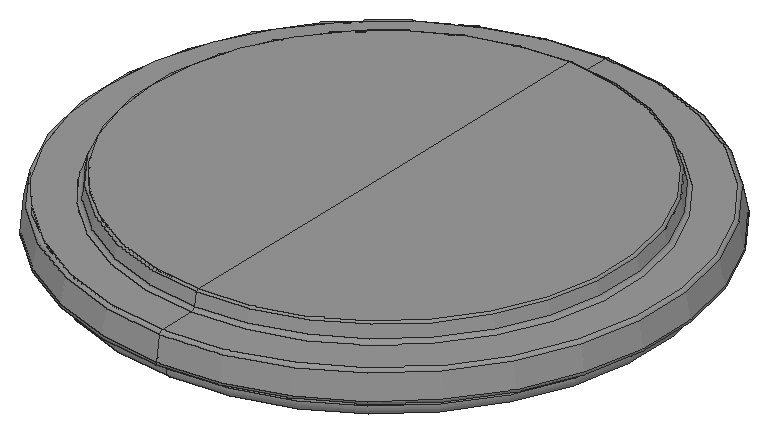
Revit family "FMK13_63_UN_Surface-mounted_ETK", category Lighting Fixtures, Revit 2017 (continued)
Definition of nested family "FMK.1 - Lightsource"
  Parameters (values of type "FMK.1109.10 - Ø250x48 / 12W")
      .3074\t362.9584\t356.0822\t348.9057\t341.5547\t333.4658\t324.7233\t315.2043\t305.4599\r\n295.3979\t285.0138\t274.2949\t263.3441\t252.1436\t240.673\t229.1092\t216.7556\t203.6489\t190.6285\r\n177.6172\t164.6138\t151.9279\t138.069\t124.3573\t110.9691\t98.0454\t84.9215\t72.6465\t61.0698\r\n50.4112\t40.6936\t35.2704\t0\t0\t0\r\n405.3384\t404.7358\t403.6054\t401.6444\t399.3643\t396.5593\t393.314\t389.4309\t385.2102\t380.3495\r\n375.0755\t369.3024\t362.9627\t356.1346\t348.8119\t341.1533\t333.0509\t324.8191\t315.78\t306.215\r\n295.8199\t285.344\t274.4807\t263.3654\t252.0105\t240.3294\t228.4188\t216.2955\t204.1547\t190.9552\r\n177.6559\t164.3516\t151.1392\t138.0976\t124.9346\t111.112\t97.7813\t85.0908\t72.4995\t60.8236\r\n50.1998\t40.6227\t31.9768\t0\t0\t0\r\n405.3384\t404.7394\t403.6288\t401.6757\t399.3884\t396.5714\t393.3026\t389.3159\t385.1739\t380.3831\r\n375.0444\t369.2837\t362.956\t356.1295\t348.8706\t341.18\t332.9079\t324.3902\t315.4019\t306.3387\r\n296.4924\t286.1092\t274.9998\t263.7539\t252.2169\t240.3569\t228.2903\t215.9582\t203.4707\t190.8257\r\n178.1521\t164.6391\t151.0517\t137.6572\t124.4578\t111.6543\t98.0732\t84.9738\t72.5741\t60.6864\r\n50.0183\t40.4977\t31.9697\t4.8432\t0\t0\r\n405.3384\t404.7427\t403.6495\t401.7142\t399.4239\t396.6035\t393.3116\t389.2988\t385.0507\t380.3528\r\n375.0118\t369.216\t362.9424\t356.1024\t348.8405\t341.157\t332.9643\t324.4004\t315.2581\t305.8867\r\n296.1029\t285.938\t275.5954\t264.5683\t253.012\t240.8416\t228.6197\t216.12\t203.4137\t190.5511\r\n177.5394\t164.5113\t151.5042\t137.8415\t124.2858\t111.0124\t98.1587\t85.3964\t72.5721\t60.6586\r\n49.8431\t40.3398\t31.931\t24.5537\t0\t0\r\n405.3384\t404.7456\t403.6676\t401.9218\t399.4709\t396.6554\t393.3437\t389.317\t385.04\t380.243\r\n374.8993\t369.1788\t362.9127\t356.0814\t348.8285\t341.0552\t332.9667\t324.3861\t315.3329\t305.9127\r\n296.0531\t285.7481\t275.1336\t264.1996\t252.9355\t241.4903\t229.4495\t216.9446\t203.9312\t190.8555\r\n177.6361\t164.3347\t151.0106\t137.654\t124.597\t111.2218\t97.8665\t85.0744\t72.9905\t60.8587\r\n49.815\t40.1794\t31.9054\t24.5054\t0\t0\r\n405.3384\t404.7481\t403.6828\t401.9564\t399.6914\t396.7268\t393.4009\t389.3708\t385.0755\t380.2591\r\n374.9017\t369.0922\t362.8034\t355.9918\t348.805\t341.0277\t332.9542\t324.3714\t315.323\t305.9089\r\n296.0316\t285.7934\t275.1661\t264.1403\t252.8273\t241.0499\t229.0201\t216.7244\t204.2369\t191.596\r\n178.5079\t164.9396\t151.3939\t137.7973\t124.3337\t110.9506\t97.9162\t85.2011\t72.5165\t60.7879\r\n50.1751\t40.1846\t31.8501\t23.7681\t2.338\t0\r\n405.3384\t404.7502\t403.6952\t401.9835\t399.7343\t396.9809\t393.6545\t389.6213\t385.1579\t380.3298\r\n374.9735\t369.1608\t362.846\t356.0361\t348.7566\t340.9866\t332.8783\t324.3112\t315.2718\t305.9036\r\n296.0215\t285.8004\t275.1776\t264.1337\t252.8169\t241.0716\t228.9767\t216.6471\t204.0279\t191.1324\r\n178.1226\t164.8871\t151.6027\t138.2841\t125.113\t111.6596\t98.1698\t85.1028\t72.5249\t60.7088\r\n49.8427\t40.2477\t31.8931\t21.6048\t12.7168\t0\r\n405.3384\t404.7519\t403.7047\t402.0029\t399.7635\t397.03\t393.713\t389.7065\t385.4214\t380.5969\r\n375.2629\t369.475\t363.1447\t356.3663\t348.9144\t341.1566\t333.0078\t324.4526\t315.4033\t305.9527\r\n296.0665\t285.8226\t275.1844\t264.1482\t252.8009\t241.0835\t228.992\t216.6758\t204.0446\t191.1483\r\n178.0991\t164.8272\t151.446\t137.9974\t124.5467\t111.2577\t98.1105\t85.2503\t72.8411\t61.1518\r\n50.0901\t40.257\t31.8235\t18.932\t9.3489\t0\r\n405.3384\t404.7532\t403.7114\t402.0142\t399.7786\t397.0514\t393.739\t389.7475\t385.4637\t380.6413\r\n375.3272\t369.5568\t363.2361\t356.4824\t349.2137\t341.4886\t333.3185\t324.7975\t315.7614\t306.3155\r\n296.46\t286.2066\t275.5669\t264.5527\t253.1872\t241.5059\t229.4265\t217.1363\t204.5303\t191.6199\r\n178.5573\t165.3425\t151.9521\t138.4682\t125.0895\t111.6993\t98.5664\t85.5623\t73.0265\t61.1343\r\n50.1318\t40.4051\t31.9542\t21.7475\t6.5313\t5.115\r\n405.3384\t404.754\t403.7153\t402.0176\t399.7799\t397.0445\t393.7329\t389.7445\t385.4448\t380.6084\r\n375.2927\t369.5081\t363.1813\t356.4003\t348.9923\t341.2089\t333.0605\t324.4816\t315.4612\t305.9997\r\n296.1643\t285.8652\t275.2287\t264.2095\t252.8526\t241.1526\t229.101\t216.7417\t204.1781\t191.2242\r\n178.2221\t164.9153\t151.5534\t138.1498\t124.6539\t111.3162\t98.1603\t85.2342\t72.8561\t61.1128\r\n50.0588\t40.2091\t31.6937\t20.0166\t8.2012\t0\r\n405.3384\t404.7543\t403.7164\t402.013\t399.7671\t397.0096\t393.6945\t389.6977\t385.2046\t380.352\r\n375.0326\t369.2271\t362.9198\t356.1028\t348.9072\t341.0925\t332.98\t324.3798\t315.392\t305.9858\r\n296.2178\t285.8843\t275.26\t264.2624\t252.9154\t241.2093\t229.1994\t216.7906\t204.2527\t191.2919\r\n178.3227\t165.0516\t151.7425\t138.4595\t125.2028\t111.7417\t98.2552\t85.1615\t72.5973\t60.695\r\n49.8045\t40.1873\t31.7885\t21.7366\t11.2598\t0\r\n405.3384\t404.7542\t403.7146\t402.0006\t399.7406\t396.7678\t393.4611\t389.4878\t385.1447\t380.2959\r\n374.9894\t369.1909\t362.9156\t356.0932\t349.0203\t341.1855\t333.0998\t324.4896\t315.505\t306.0503\r\n296.2967\t285.9572\t275.331\t264.3672\t253.0197\t241.2839\t229.3045\t217.0032\t204.5011\t191.8693\r\n178.7706\t165.2052\t151.6675\t138.0714\t124.5282\t111.1465\t98.0318\t85.3325\t72.6503\t60.8256\r\n50.1888\t40.1684\t31.7403\t23.8387\t2.1341\t0\r\n405.3384\t404.7538\t403.7099\t401.9802\t399.5366\t396.7102\t393.425\t389.473\t385.1305\t380.2987\r\n375.0145\t369.3042\t363.0627\t356.2162\t349.106\t341.2551\t333.1682\t324.5601\t315.5632\t306.141\r\n296.3633\t286.0264\t275.4542\t264.555\t253.2624\t241.8449\t229.7806\t217.3072\t204.2808\t191.2288\r\n177.9866\t164.6878\t151.3619\t138.0114\t124.8764\t111.4955\t98.1121\t85.3017\t73.1816\t61.0006\r\n49.9354\t40.2492\t31.8581\t24.0616\t0\t0\r\n405.3384\t404.7529\t403.7024\t401.7855\t399.5057\t396.672\t393.4155\t389.4941\t385.1611\t380.4304\r\n375.1514\t369.3736\t363.1395\t356.2714\t349.1759\t341.3116\t333.2219\t324.6532\t315.5562\t306.2275\r\n296.4426\t286.3163\t276.0481\t265.0023\t253.4229\t241.2876\t229.0238\t216.5536\t203.8543\t191.005\r\n177.9846\t164.9422\t151.916\t138.291\t124.7136\t111.4068\t98.5597\t85.7613\t72.9154\t60.9832\r\n50.0561\t40.469\t32.0115\t24.4608\t0\t0\r\n405.3384\t404.7516\t403.6921\t401.7609\t399.4864\t396.6542\t393.4316\t389.5502\t385.2972\t380.4985\r\n375.2108\t369.4721\t363.1917\t356.3183\t349.193\t341.3957\t333.2365\t324.7362\t315.7989\t306.7788\r\n296.9084\t286.5675\t275.5271\t264.2722\t252.7027\t240.881\t228.7997\t216.5107\t204.0057\t191.4\r\n178.6746\t165.1736\t151.62\t138.2129\t125.0328\t112.2055\t98.6188\t85.54\t73.0956\t61.0986\r\n50.3019\t40.733\t32.2345\t4.8967\t0\t0\r\n405.3384\t404.75\t403.6788\t401.7433\t399.4783\t396.6572\t393.4722\t389.7044\t385.3553\t380.5675\r\n375.2574\t369.5435\t363.2413\t356.3845\t349.1744\t341.4877\t333.4438\t325.2596\t316.2784\t306.7217\r\n296.3214\t285.8791\t275.0611\t263.9604\t252.5538\t240.9175\t229.0191\t216.9459\t204.7661\t191.62\r\n178.311\t165.0395\t151.8279\t138.8308\t125.6546\t111.8365\t98.5513\t85.8398\t73.1455\t61.3695\r\n50.6583\t41.0273\t32.3467\t0\t0\t0\r\n405.3384\t404.7481\t403.4984\t401.7323\t399.4809\t396.6816\t393.6002\t389.7628\t385.3879\t380.6249\r\n375.3103\t369.6017\t363.2788\t356.4193\t349.3183\t342.0005\t333.9181\t325.234\t315.723\t306.0027\r\n295.9581\t285.6313\t274.9371\t264.0009\t252.7885\t241.3531\t229.8173\t217.4635\t204.4063\t191.4145\r\n178.427\t165.4423\t152.7479\t138.9494\t125.2565\t111.8804\t98.9846\t85.7966\t73.4077\t61.7586\r\n51.0678\t41.3029\t35.9314\t0\t0\t0\r\n405.3384\t404.7459\t403.4868\t401.7275\t399.4939\t396.8049\t393.6964\t389.8271\t385.4477\t380.6827\r\n375.3624\t369.5737\t363.2853\t356.625\t349.7894\t342.1135\t333.759\t324.599\t315.3556\t305.743\r\n295.8442\t285.6417\t275.1541\t264.3786\t253.3631\t242.055\t229.5599\t217.0052\t204.3824\t191.6906\r\n178.9998\t166.3228\t152.4157\t138.7896\t125.4113\t112.3666\t98.8823\t86.0884\t73.8385\t62.2076\r\n51.4507\t41.5049\t9.2672\t0\t0\t0\r\n405.3384\t404.7435\t403.478\t401.7288\t399.5168\t396.8915\t393.7354\t389.8846\t385.51\t380.7375\r\n375.3452\t369.6573\t363.4574\t357.1354\t349.7768\t341.6159\t333.1585\t324.3199\t315.1808\t305.7265\r\n295.9778\t285.8984\t275.6341\t265.1894\t253.7973\t241.5638\t229.4041\t217.1091\t204.7446\t192.3795\r\n179.7114\t165.8581\t152.3268\t139.0102\t125.9366\t112.2715\t99.1358\t86.5458\t74.2047\t62.612\r\n51.7507\t41.5902\t0\t0\t0\t0\r\n405.3384\t404.741\t403.4718\t401.7355\t399.6011\t396.9432\t393.7681\t389.932\t385.5756\t380.7897\r\n375.443\t369.7964\t363.9098\t357.1325\t349.266\t341.3026\t332.9179\t324.2017\t315.1981\t305.9037\r\n296.2962\t286.4176\t276.3927\t264.9598\t253.3075\t241.5117\t229.5688\t217.5503\t205.6807\t192.889\r\n179.2192\t165.8323\t152.6025\t139.6031\t125.8415\t112.4783\t99.6521\t86.8233\t74.5452\t62.9366\r\n51.9651\t45.2945\t0\t0\t0\t0\r\n405.3384\t404.7384\t403.468\t401.7035\t399.6374\t396.995\t393.7953\t389.976\t385.6432\t380.7904\r\n375.5949\t370.2269\t363.9316\t356.6257\t349.0084\t341.1154\t332.8331\t324.2647\t315.4008\t306.248\r\n296.8025\t287.1037\t276.0069\t264.7758\t253.2929\t241.7441\t230.0366\t218.4803\t205.6712\t192.4158\r\n179.2213\t166.1495\t153.2387\t139.4918\t125.9849\t112.9057\t99.9291\t87.1192\t74.8871\t63.2173\r\n52.1109\t27.9746\t0\t0\t0\t0\r\n405.3384\t404.7356\t403.4661\t401.721\t399.6762\t397.0462\t393.8176\t390.0145\t385.6532\t380.9042\r\n376.0431\t370.2884\t363.5098\t356.3413\t348.8597\t341.046\t332.9079\t324.5096\t315.7699\t306.7777\r\n297.4737\t286.6989\t275.8167\t264.7874\t253.5532\t242.2253\t231.0102\t218.411\t205.3993\t192.4497\r\n179.5316\t166.8\t153.159\t139.579\t126.3414\t113.3926\t100.1751\t87.4289\t75.1955\t63.4659\r\n52.2017\t0\t0\t0\t0\t0\r\n405.3384\t404.733\t403.4662\t401.7455\t399.7183\t397.0964\t393.8361\t390.0426\t385.7336\t381.0623\r\n376.1774\t370.1947\t363.2695\t356.1775\t348.8218\t341.077\t333.1051\t324.8433\t316.2831\t307.407\r\n297.0552\t286.507\t275.8559\t265.0142\t254.068\t243.1527\t230.9509\t218.1938\t205.4481\t192.7251\r\n180.2403\t166.8035\t153.224\t139.9046\t126.9133\t113.5219\t100.4126\t87.721\t75.5131\t63.7099\r\n57.0316\t0\t0\t0\t0\t0\r\n405.3384\t404.5716\t403.4386\t401.8549\t399.7644\t397.1477\t393.8153\t390.002\t385.8374\t381.4986\r\n376.1612\t369.7301\t363.0994\t356.1235\t348.8626\t341.2479\t333.4258\t325.2712\t316.9727\t307.0391\r\n296.8833\t286.5553\t276.0726\t265.4683\t254.9632\t243.4246\t230.701\t218.2156\t205.734\t193.2729\r\n180.506\t166.8251\t153.4668\t140.3769\t127.1788\t113.733\t100.6865\t88.0472\t75.8087\t63.919\r\n43.4528\t0\t0\t0\t0\t0\r\n405.3384\t404.5695\t403.4417\t401.8908\t399.8151\t397.1871\t393.8464\t390.0614\t385.9622\t381.6097\r\n376.0288\t369.5594\t362.993\t356.1449\t348.9704\t341.541\t333.8527\t326.0241\t316.6929\t306.8713\r\n296.8954\t286.7633\t276.4678\t266.0998\t255.327\t242.9729\t230.7031\t218.4384\t206.1859\t193.9199\r\n180.3346\t166.9807\t153.8693\t140.944\t127.3398\t114.0243\t101.0379\t88.3884\t76.1048\t64.1488\r\n6.9749\t0\t0\t0\t0\t0\r\n405.3384\t404.5686\t403.4473\t401.9294\t399.8708\t397.2314\t393.888\t390.1481\t386.3292\t381.6146\r\n375.6081\t369.4572\t362.9708\t356.227\t349.1889\t341.9177\t334.6149\t326.1454\t316.446\t306.8487\r\n297.0678\t287.1294\t277.0477\t266.8305\t254.9174\t242.9076\t230.8971\t218.8564\t206.9584\t193.7008\r\n180.4704\t167.3299\t154.3451\t141.0443\t127.5319\t114.3124\t101.4067\t88.7971\t76.469\t71.0786\r\n0\t0\t0\t0\t0\t0\r\n405.3384\t404.569\t403.4551\t401.9709\t399.9722\t397.2767\t393.8644\t390.2693\t386.4315\t381.5224\r\n375.4757\t369.3969\t363.0172\t356.385\t349.5164\t342.3709\t334.9069\t325.7199\t316.401\t306.979\r\n297.3492\t287.6224\t277.9395\t266.5253\t254.8042\t243.0641\t231.2325\t219.4481\t206.9163\t193.7663\r\n180.6898\t167.7888\t154.9305\t141.1807\t127.788\t114.6467\t101.7684\t89.1631\t76.8256\t62.9035\r\n0\t0\t0\t0\t0\t0\r\n405.3384\t404.5705\t403.4652\t402.0157\t400.0296\t397.3244\t393.9524\t390.3898\t386.4749\t381.113\r\n375.39\t369.382\t363.1266\t356.6158\t349.8921\t343.0771\t334.5968\t325.6122\t316.4672\t307.1637\r\n297.7815\t288.4949\t278.1045\t266.4097\t254.8889\t243.3295\t231.7654\t220.041\t206.912\t193.9248\r\n181.0884\t168.4498\t154.9864\t141.4211\t128.0925\t114.9955\t102.1644\t89.5728\t77.2034\t43.5306\r\n0\t0\t0\t0\t0\t0\r\n405.3384\t404.5732\t403.4775\t402.0644\t400.0795\t397.3766\t394.0366\t390.7644\t386.4775\t380.975\r\n375.3478\t369.4303\t363.2985\t356.906\t350.3047\t343.2698\t334.4485\t325.6355\t316.6363\t307.5138\r\n298.2746\t288.9228\t277.7118\t266.4225\t255.1174\t243.7588\t232.5514\t219.9024\t207.0118\t194.237\r\n181.5343\t168.8621\t155.1371\t141.6853\t128.4567\t115.4149\t102.6013\t89.9956\t77.5994\t6.1612\r\n0\t0\t0\t0\t0\t0\r\n405.3384\t404.605\t403.4921\t402.1706\t400.1256\t397.4349\t394.1374\t390.8498\t386.4029\t380.8564\r\n375.3437\t369.5284\t363.5073\t357.2499\t350.9824\t342.9428\t334.3995\t325.7395\t316.8926\t307.9367\r\n299.1107\t288.6921\t277.6635\t266.5801\t255.4385\t244.3047\t232.8477\t219.9489\t207.2573\t194.6292\r\n182.2468\t168.8709\t155.3197\t141.9922\t128.8173\t115.8454\t103.0693\t90.4482\t83.823\t0\r\n0\t0\t0\t0\t0\t0\r\n405.3384\t404.6092\t403.5089\t402.2202\t400.1649\t397.5054\t394.2569\t390.9141\t386.0396\t380.7981\r\n375.3806\t369.6687\t363.7508\t357.6622\t351.1724\t342.8014\t334.443\t325.8965\t317.2661\t308.4567\r\n299.4568\t288.5546\t277.7444\t266.8384\t255.8901\t245.0273\t232.652\t220.0806\t207.5676\t195.1229\r\n182.656\t169.0149\t155.5887\t142.3178\t129.2005\t116.2829\t103.5207\t90.9268\t73.3602\t0\r\n0\t0\t0\t0\t0\t0\r\n405.3384\t404.614\t403.5281\t402.2649\t400.1971\t397.5179\t394.3957\t390.9455\t385.9448\t380.7925\r\n375.4413\t369.8494\t364.0508\t358.3505\t351.161\t342.7657\t334.5401\t326.1385\t317.6475\t309.3183\r\n299.1891\t288.5712\t277.89\t267.2003\t256.4247\t245.3251\t232.6711\t220.2807\t207.9213\t195.8312\r\n182.7021\t169.2073\t155.8647\t142.6715\t129.6369\t116.7502\t103.9952\t91.3868\t55.3711\t0\r\n0\t0\t0\t0\t0\t0\r\n405.3384\t404.6195\t403.5495\t402.3045\t400.1849\t397.5978\t394.5611\t390.9396\t385.8781\t380.8033\r\n375.5216\t370.0613\t364.3857\t358.5968\t350.8049\t342.7895\t334.6808\t326.4772\t318.1163\t309.6303\r\n299.1657\t288.6692\t278.1592\t267.6065\t257.2226\t245.1417\t232.8538\t220.5787\t208.3699\t196.2276\r\n182.7779\t169.4445\t156.1917\t143.0507\t130.0526\t117.1893\t104.4737\t91.888\t14.9821\t0\r\n0\t0\t0\t0\t0\t0\r\n405.3384\t404.6254\t403.6469\t402.3383\t400.2215\t397.6657\t394.9951\t390.922\t385.84\t380.8256\r\n375.6462\t370.3021\t364.75\t358.7051\t350.7659\t342.8768\t334.8803\t326.8245\t318.9273\t309.6814\r\n299.1757\t288.8703\t278.4899\t268.1142\t257.5065\t245.2123\t233.0786\t220.9546\t208.9027\t196.5301\r\n182.9565\t169.6559\t156.4872\t143.4595\t130.5097\t117.6817\t104.9699\t100.108\t0.6502\t0\r\n0\t0\t0\t0\t0\t0\r\n405.3384\t404.6318\t403.6785\t402.3663\t400.2653\t397.732\t395.2235\t390.6501\t385.8302\t380.8791\r\n375.8045\t370.5591\t365.4\t358.3926\t350.7621\t343.0161\t335.1646\t327.2095\t319.3184\t309.3844\r\n299.2447\t289.0934\t278.9038\t268.8799\t257.3545\t245.3439\t233.3422\t221.3813\t209.5947\t196.4708\r\n183.1827\t169.9774\t156.8633\t143.857\t130.9408\t118.1517\t105.4613\t92.7841\t0\t0\r\n0\t0\t0\t0\t0\t0\r\n405.3384\t404.6385\t403.7052\t402.3881\t400.3166\t397.7952\t395.3429\t390.6457\t385.8372\t380.9677\r\n375.9682\t370.8385\t365.6602\t358.3552\t350.8047\t343.1988\t335.4588\t327.6657\t319.4853\t309.4034\r\n299.4263\t289.3714\t279.3274\t269.2917\t257.4272\t245.5406\t233.6779\t221.8454\t209.9683\t196.6268\r\n183.419\t170.2891\t157.2574\t144.3065\t131.442\t118.6656\t105.9935\t80.5222\t0\t0\r\n0\t0\t0\t0\t0\t0\r\n405.3384\t404.6457\t403.7326\t402.3665\t400.4161\t397.857\t395.396\t390.6723\t385.8834\t381.0767\r\n376.1402\t371.1325\t365.8072\t358.3418\t350.9131\t343.3865\t335.8213\t328.3888\t319.2622\t309.4538\r\n299.6286\t289.7446\t279.8181\t269.489\t257.5447\t245.7949\t234.0481\t222.3431\t210.2072\t196.8266\r\n183.6843\t170.6331\t157.653\t144.7457\t131.9283\t119.1863\t106.5168\t64.2232\t0\t0\r\n0\t0\t0\t0\t0\t0\r\n405.3384\t404.653\t403.7604\t402.3925\t400.4719\t397.9008\t395.3299\t390.7762\t385.9545\t381.2013\r\n376.3717\t371.4185\t365.8707\t358.3762\t351.0464\t343.6475\t336.1597\t328.7689\t319.2512\t309.5955\r\n299.8696\t290.1313\t280.5664\t269.3554\t257.7081\t246.0696\t234.4691\t223.0433\t210.1501\t197.0336\r\n183.9883\t170.9859\t158.0592\t145.1996\t132.404\t119.6892\t118.4422\t23.1728\t0\t0\r\n0\t0\t0\t0\t0\t0\r\n405.3384\t404.6607\t403.7887\t402.4189\t400.5194\t397.9841\t395.3017\t390.8021\t386.0595\t381.3509\r\n376.609\t372.0059\t365.5606\t358.4337\t351.2047\t343.9111\t336.5735\t328.9592\t319.3349\t309.7464\r\n300.1592\t290.5524\t280.9613\t269.4605\t257.9307\t246.4161\t234.914\t223.4171\t210.3211\t197.2897\r\n184.2922\t171.347\t158.483\t145.6681\t132.9075\t120.2165\t117.0674\t9.6552\t0\t0\r\n0\t0\t0\t0\t0\t0\r\n405.3384\t404.6686\t403.8173\t402.4487\t400.4786\t398.0829\t395.2688\t390.7871\t386.236\t381.5158\r\n376.8425\t372.2831\t365.5322\t358.5043\t351.3888\t344.1966\t336.967\t329.1152\t319.3903\t309.9762\r\n300.4823\t290.9786\t281.208\t269.6236\t258.201\t246.7695\t235.373\t223.7185\t210.5437\t197.5625\r\n184.62\t171.7433\t158.9199\t146.1384\t133.4045\t120.7201\t112.4944\t0\t0\t0\r\n0\t0\t0\t0\t0\t0\r\n405.3384\t404.6766\t403.8462\t402.4819\t400.4915\t398.4796\t395.2303\t390.7186\t386.3508\t381.7085\r\n377.0908\t372.472\t365.5842\t358.5935\t351.5911\t344.5067\t337.626\t328.8535\t319.5738\t310.1918\r\n300.8214\t291.4589\t281.3564\t269.774\t258.4546\t247.1517\t236.0692\t223.714\t210.7672\t197.8524\r\n184.9795\t172.1582\t159.3682\t146.6102\t133.9159\t121.2568\t105.4062\t0\t0\t0\r\n0\t0\t0\t0\t0\t0\r\n405.3384\t404.6848\t403.8753\t402.5301\t400.5307\t398.583\t395.2103\t390.7119\t386.3893\t381.9396\r\n377.3461\t372.6104\t365.6471\t358.7464\t351.8034\t344.8396\t337.9433\t328.9321\t319.7183\t310.4987\r\n301.2264\t292.1181\t281.2334\t270.0005\t258.7428\t247.5101\t236.4684\t223.8595\t211.0006\t198.1587\r\n185.3479\t172.5544\t159.8035\t147.094\t134.4184\t121.7849\t96.4328\t0\t0\t0\r\n0\t0\t0\t0\t0\t0\r\n405.3384\t404.6931\t403.9067\t402.5674\t400.5765\t398.6722\t394.9664\t390.7235\t386.4539\t382.113\r\n377.6242\t372.7081\t365.7225\t358.9132\t352.048\t345.1659\t338.1961\t329.0359\t319.9072\t310.7682\r\n301.6096\t292.5131\t281.4098\t270.2271\t259.073\t247.9351\t236.8476\t224.0483\t21
      1.2287\t198.4476\r\n185.6936\t172.9579\t160.2642\t147.5784\t134.9349\t122.3252\t86.1454\t0\t0\t0\r\n0\t0\t0\t0\t0\t0\r\n405.3384\t404.7013\t403.9355\t402.6047\t400.6279\t398.7442\t394.9797\t390.7624\t386.5296\t382.2487\r\n377.8767\t372.7829\t365.8114\t359.0821\t352.3163\t345.4969\t338.3782\t329.1822\t320.1148\t311.0453\r\n301.9788\t292.7783\t281.6012\t270.5091\t259.4318\t248.3563\t237.1582\t224.2779\t211.525\t198.7849\r\n186.0555\t173.3757\t160.7092\t148.07\t135.4623\t122.8612\t75.0755\t0\t0\t0\r\n0\t0\t0\t0\t0\t0\r\n405.3384\t404.7096\t403.9642\t402.6417\t400.696\t398.8169\t394.9997\t390.8276\t386.6209\t382.4\r\n378.4045\t372.5543\t365.9079\t359.2494\t352.5682\t345.8699\t338.5647\t329.3189\t320.3594\t311.3938\r\n302.3891\t292.9835\t281.7699\t270.7837\t259.7753\t248.7659\t237.4402\t224.5309\t211.8182\t199.1223\r\n186.4527\t173.7952\t161.1646\t148.546\t135.9422\t136.5574\t36.2712\t0\t0\t0\r\n0\t0\t0\t0\t0\t0\r\n405.3384\t404.7178\t403.9929\t402.6782\t400.7519\t398.8854\t395.026\t390.892\t386.7324\t382.5558\r\n378.6203\t372.6325\t366.0305\t359.4259\t352.8102\t346.4602\t338.6937\t329.5211\t320.6143\t311.6861\r\n302.7765\t293.2351\t282.0305\t271.0823\t260.1226\t249.1874\t237.6911\t224.7942\t212.1326\t199.4867\r\n186.8497\t174.2259\t161.627\t149.0287\t136.4442\t136.3962\t26.9716\t0\t0\t0\r\n0\t0\t0\t0\t0\t0\r\n405.3384\t404.6914\t404.0217\t402.7091\t400.8043\t398.9593\t395.0594\t390.9615\t386.8432\t382.7092\r\n378.801\t372.7103\t366.1644\t359.6071\t353.0451\t346.7466\t338.5155\t329.6953\t320.856\t312.0088\r\n303.4086\t293.141\t282.2549\t271.3663\t260.4867\t249.8243\t237.7137\t225.078\t212.4489\t199.8329\r\n187.2298\t174.6407\t162.0656\t149.4977\t136.955\t135.4145\t19.5256\t0\t0\t0\r\n0\t0\t0\t0\t0\t0\r\n405.3384\t404.7005\t404.0507\t402.746\t400.8525\t399.0149\t395.1063\t391.0352\t386.9537\t382.8571\r\n378.9473\t372.7817\t366.3088\t359.7982\t353.2745\t346.9636\t338.607\t329.856\t321.0835\t312.3124\r\n303.7495\t293.3407\t282.511\t271.6734\t260.8498\t250.2149\t237.9693\t225.3524\t212.7549\t200.1806\r\n187.6084\t175.0519\t162.4906\t149.9475\t137.4166\t133.8797\t13.6311\t0\t0\t0\r\n0\t0\t0\t0\t0\t0\r\n405.3384\t404.7108\t404.0796\t402.7843\t400.8877\t399.06\t395.1456\t391.1188\t387.0668\t382.9967\r\n379.0731\t372.8602\t366.4344\t359.992\t353.5293\t347.231\t338.7751\t330.037\t321.3186\t312.5878\r\n304.0399\t293.5366\t282.7541\t271.985\t261.2033\t250.5727\t238.235\t225.6682\t213.1063\t200.5484\r\n187.9915\t175.44\t162.9051\t150.3796\t137.8499\t132.1112\t9.049\t0\t0\t0\r\n0\t0\t0\t0\t0\t0\r\n405.3384\t404.7219\t404.1089\t402.8238\t400.9307\t399.0883\t395.1801\t391.1927\t387.1857\t383.169\r\n379.2169\t372.9472\t366.5494\t360.1591\t353.7665\t347.4796\t338.9588\t330.2784\t321.6039\t312.9326\r\n304.37\t293.7905\t283.028\t272.2877\t261.5559\t250.9361\t238.5243\t225.9828\t213.451\t200.9164\r\n188.3884\t175.864\t163.3455\t150.8322\t138.3259\t130.4379\t5.5781\t0\t0\t0\r\n0\t0\t0\t0\t0\t0\r\n405.3384\t404.7342\t404.1351\t402.865\t400.9737\t399.12\t395.2037\t391.2563\t387.2891\t383.3216\r\n379.3873\t373.0758\t366.7069\t360.3353\t353.9603\t347.6673\t339.1189\t330.4846\t321.8502\t313.2065\r\n304.6365\t294.0074\t283.3053\t272.5923\t261.8888\t251.2466\t238.8042\t226.288\t213.7758\t201.2543\r\n188.7472\t176.2444\t163.7419\t151.2436\t138.7407\t128.9732\t3.0455\t0\t0\t0\r\n0\t0\t0\t0\t0\t0\r\n405.3384\t404.7473\t404.1652\t402.9077\t401.0164\t399.1498\t395.2384\t391.3183\t387.3793\t383.4461\r\n379.5207\t373.2102\t366.8716\t360.5312\t354.1897\t347.8811\t339.3172\t330.7163\t322.1136\t313.5188\r\n304.9383\t294.2817\t283.5867\t272.897\t262.2085\t251.5646\t239.0978\t226.5986\t214.1015\t201.6074\r\n189.1137\t176.6257\t164.1331\t151.6523\t139.1633\t127.9276\t1.3255\t0\t0\t0\r\n0\t0\t0\t0\t0\t0\r\n405.3384\t404.7615\t404.1956\t402.9517\t401.0448\t399.145\t395.2486\t391.3511\t387.4664\t383.5602\r\n379.6494\t373.3451\t367.0309\t360.7181\t354.3931\t348.0876\t339.524\t330.9519\t322.3792\t313.8076\r\n305.2448\t294.5755\t283.8944\t273.2262\t262.5489\t251.8832\t239.4077\t226.9344\t214.4518\t201.9798\r\n189.4978\t177.0255\t164.5446\t152.064\t139.5954\t127.4356\t0.3276\t0\t0\t0\r\n0\t0\t0\t0\t0\t0"
    Model = "FMK.1"
    Manufacturer = "ETK B.V."
    built-in parameter 1150105 = 278.52 (stored number, unit not read)
    Lumens = 3500 lm
    built-in parameter 1150115 = 1 (stored number, unit not read)
    built-in parameter 1150137 = (empty or 0)
    built-in parameter 1150139 = (empty or 0)
    built-in parameter 1150112 = 1 (stored number, unit not read)
    built-in parameter 1150114 = 1 (stored number, unit not read)
    Lamp = "LED"
    built-in parameter 1150132 = (empty or 0)
    built-in parameter 1150102 = (empty or 0)
    built-in parameter 1150107 = 3000 (stored number, unit not read)
    built-in parameter 1150138 = (empty or 0)
    built-in parameter 1150106 = 2.7852 (stored number, unit not read)
    built-in parameter 1150104 = 13.8 (stored number, unit not read)
    Dimming Lamp Color Temperature Shift = (empty or 0)
    Description = "Light sources"
    Default Elevation = 0 mm
    Copyright © IVLighting = "www.ivlighting.nl"
    Color Filter = 16777215
    Bundle = "120°"
    built-in parameter 1114218 = 1 (stored number, unit not read)
    built-in parameter 1150133 = 10 (stored number, unit not read)
    Assembly Code = "63.0"
    Apparent Load = 12 VA
